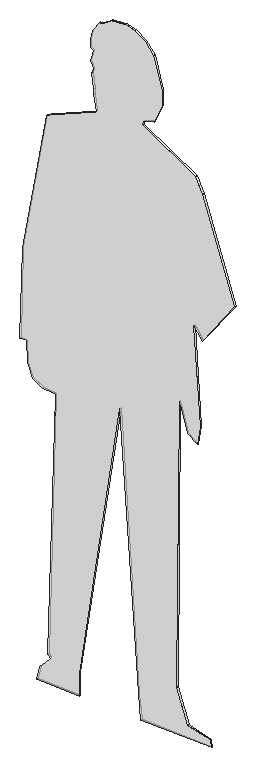
Revit family "Flat Man 02", category Entourage, Revit 2015
Parameters
  Linework [instance] = yes
  Height = 0 mm
  Flat Material [instance] = none
Reference planes
  plane 1 "Center (Front/Back)": y = 0
  plane 2: z = 0
  plane 3 "Center (Left/Right)": x = 0
  plane 4: z = 1600
Forms (mm)
  Extrusion 1, solid, material <- "Flat Material"
    sketch origin (0, 0, 0) x (1, 0, 0) y (0, 0, 1)
      loop
        line (-182.571, 772.501) -> (-205.352, 77.908) -> (-197.509, 70.066) -> (-228.68, 38.895) -> (-238.015, 0) -> (-113.015, 0) -> (-113.015, 59.655) -> (6.752, 801.153) -> (60.176, 67.352) -> (68.323, 0) -> (274.88, 0) -> (272.164, 20.316) -> (206.766, 36.011) -> (173.712, 123.158) -> (181.014, 881.355) -> (204.501, 804.372) -> (235.29, 785.129) -> (242.988, 833.237) -> (223.745, 1096.872) -> (248.761, 1062.233) -> (344.978, 1187.313) -> (250.685, 1450.953) -> (229.517, 1491.363) -> (73.646, 1572.183) -> (75.57, 1581.803) -> (108.284, 1591.423) -> (131.376, 1643.383) -> (131.376, 1683.793) -> (106.36, 1766.543) -> (81.344, 1795.403) -> (50.554, 1812.723) -> (25.538, 1820.423) -> (-16.798, 1814.643) -> (-45.663, 1797.333) -> (-53.36, 1797.333) -> (-74.528, 1768.463) -> (-80.301, 1745.373) -> (-80.301, 1722.283) -> (-71.186, 1718.636) -> (-80.301, 1687.643) -> (-70.784, 1669.623) -> (-76.452, 1654.933) -> (-70.679, 1616.443) -> (-70.679, 1601.043) -> (-63.193, 1558.628) -> (-199.123, 1503.875) -> (-209.231, 1497.133) -> (-280.431, 1125.733) -> (-288.129, 881.346) -> (-269.013, 882.081) -> (-265.037, 825.54) -> (-251.566, 788.977) -> (-220.777, 773.583) -> (-182.571, 772.501)
    from -2.5 to 2.5
Lines and regions (mm)
  model lines
    curve 1: line (0, 150, 0) -> (0, -150, 0)
    curve 2: line (-150, 0, 0) -> (150, 0, 0)
Dimensions and locks
  aligned and locked: level to plane 2
